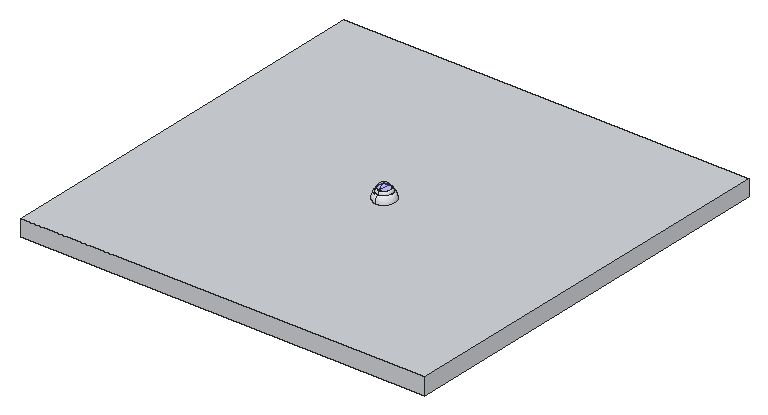
Revit family "BEG-92751", category Dispositifs d'éclairage, Revit 2015
Parameters
  Detection zone [instance] = yes
  Seat area [instance] = Height position < 351 cm  # yes
  URL = "http://www.luxomat.com/en-92751"
  Type of output = "DALI (50 ballast max)+SWITCH"
  Ambiant temperature = "-25°C to +50°C"
  Ref = "92751"
  Relay = "16A"
  Height position [instance] = 250 cm
  Direct Range [instance] = Height position * 3.2  # 800 cm
  Transversal range [instance] = Height position * 9.6  # 2400 cm
  Modèle = "PD4-M-TRIO-2DALI/Dsi-1C-SM"
  Installation type = "Ceiling"
  Brand = "LUXOMAT"
  Image du type = 92751.jpg
  IP = "20"
  Mounting height max = Installation height max  # 350 cm
  Installation height max = 350 cm
  Fabricant = "B.E.G"
  Label [instance] = yes
  Default Elevation = 0 cm
  Consumption = "1,52W"
  Commentaires du type = "Occupancy detector PD4-M-TRIO-2DALI/Dsi-1C-SM"
  Code d'assemblage = "D5010200"
  Class = "2"
  Switching power LED = "300W"
  Switching power Cos ɸ =1 = "3000W"
  Switching power Cos ɸ =0,5 = "1500VA"
  Power voltage = "110-240 V AC"
  Seated activity [instance] = Height position * 2.56  # 640 cm
Reference planes (cm)
  plane 1 "Centre (avant/arrière)": y = 0
  plane 2: z = 0
  plane 3 "Centre (gauche/droite)": x = 0
Forms (cm)
  Extrusion 1, solid
    sketch origin (0, 0, 0) x (1, 0, 0) y (0, 1, 0)
      loop
        line (-121.92, 121.92) -> (-121.92, -121.92) -> (121.92, -121.92) -> (121.92, 121.92) -> (-121.92, 121.92)
    from 0 to -10
Dimensions and locks (cm)
  aligned and locked: plane 2 to Extrusion 1
  aligned and locked: level to Extrusion 1
  aligned and locked: nested 2 to plane 2
Nested families (cm)
  nested 1: "Famille1" at (0, -72.6659, 0) x (-1, 0, 0) z (0, 0, 1), reference <- "Ref", modele <- "Modèle", visible <- "Label", type "Famille1"
    with reference "92751", modele "PD4-M-TRIO-2DALI/Dsi-1C-SM"
  nested 2: "M17" at (0, 0, 0), type "Standard"
  nested 3: "zone H" at (0, 0, 0) x (-1, 0, 0) z (0, 0, 1), visible <- "Detection zone", biais <- "Transversal range", frontal <- "Direct Range", activité assise <- "Seated activity", Zone assise <- "Seat area", type "zone H"
    with position 2 320 cm, position 1 960 cm, frontal 800 cm, biais 2400 cm, activité assise 640 cm, Zone assise yes
  nested 4: "Plafond 360° 2D" at (0, 0, 0), type "Plafond 360° 2D"
Connectors (cm)
  electrical at (0, 0, 0)
    settings: on nested 2, index 1, voltage 240 V, apparent load 0 VA, apparent load phase1 0 VA, apparent load phase2 0 VA, apparent load phase3 0 VA, power factor 1, load classification "Eclairage", number of poles 1, system type 31, power factor state 1, is connector primary yes, connector utility no, sub classification motor no, connector description ""
Definition of nested family "M17"
  Reference planes (cm)
    plane 1 "Centre (avant/arrière)": y = 0
    plane 2: z = 0
    plane 3 "Centre (gauche/droite)": x = 0
    plane 4: x = 0
  Forms (cm)
    Revolve 1, solid
      sketch origin (0, 0, 0) x (0, -1, 0) y (0, 0, 1)
        loop
          line (0, 0) -> (0, 5.75) -> (-3.85, 5.75)
          arc (-3.85, 5.75) -> (-4.2917, 5.0342) -> (-4.4, 4.2) r 2
          line (-4.4, 4.2) -> (-5.05, 4.2)
          arc (-5.05, 4.2) -> (-6.0341, 2.212) -> (-6.2, 0) r 5.8
          line (-6.2, 0) -> (0, 0)
        axis (0, 0) -> (0, 5.75)
      angle from 0 to 360
    Revolve 2, solid
      sketch origin (0, 0, 0) x (0, -1, 0) y (0, 0, 1)
        loop
          arc (0, 8.5) -> (-2.2453, 7.7321) -> (-3.55, 5.75) r 3.6664
          line (-3.55, 5.75) -> (0, 5.75) -> (0, 8.5)
        axis (0, 5.75) -> (0, 8.5)
      angle from 0 to 360
  Lines and regions (cm)
    reference lines
      curve 1: line (0, 0, 0) -> (0, 0, 8.5)
      curve 2: line (0, 0, 5.75) -> (0, 3.85, 5.75)
      curve 3: arc (0, 3.85, 5.75) -> (0, 4.2917, 5.0342) -> (0, 4.4, 4.2) r 2
      curve 4: line (0, 4.4, 4.2) -> (0, 5.05, 4.2)
      curve 5: arc (0, 5.05, 4.2) -> (0, 6.0341, 2.212) -> (0, 6.2, 0) r 5.8
      curve 6: line (0, 0, 0) -> (0, 6.2, 0)
      curve 7: arc (0, 0, 8.5) -> (0, 2.2453, 7.7321) -> (0, 3.55, 5.75) r 3.6664
      curve 8: line (0, 3.55, 5.75) -> (0, 0, 5.75)
      curve 9: line (0, 0, 8.5) -> (0, 0, 5.75)
      curve 10: line (0, 0, 0) -> (0, 0, 8.5)
  Dimensions and locks (cm)
    aligned and locked: level to plane 2
    aligned and locked: Revolve 1 sketch curve to curve 1  (x2)
    aligned and locked: Revolve 1 sketch curve to curve 2
    aligned and locked: Revolve 1 sketch curve to curve 3
    aligned and locked: Revolve 1 sketch curve to curve 4
    aligned and locked: Revolve 1 sketch curve to curve 5
    aligned and locked: Revolve 1 sketch curve to curve 6
    aligned and locked: Revolve 2 sketch curve to curve 7
    aligned and locked: Revolve 2 sketch curve to curve 8
    aligned and locked: Revolve 2 sketch curve to curve 9
    aligned and locked: Revolve 2 sketch curve to curve 10
Definition of nested family "Famille1"
  Parameters (values of type "Famille1")
    reference [instance] = ""
    modele [instance] = ""
  Reference planes (cm)
    plane 1: y = 0
    plane 2: x = 0
  Text (cm)
    label "reference\n\nmodele" at (0.0074, 0.0451, 0), shows "reference", "modele"
Definition of nested family "zone H"
  Parameters (values of type "zone H")
    position 2 [instance] = (frontal / 2) * 0.8  # 320 cm
    position 1 [instance] = (biais / 2) * 0.8  # 960 cm
    frontal [instance] = 800 cm
    biais [instance] = 2400 cm
    activité assise [instance] = 640 cm
    Zone assise [instance] = yes
  Reference planes (cm)
    plane 1 "Centre (avant/arrière)": y = 0
    plane 2: z = 0
    plane 3 "Centre (gauche/droite)": x = 0
    plane 4: x = -960
    plane 5: y = -320
  Lines and regions (cm)
    detail lines, in view "Niveau de réf.", visible <- "Zone assise"
      curve 1: circle (0, 0, 0) r 320 normal (0, 0, 1)
      curve 4: spline (-105.2767, 3.2118, 0) -> (-104.9106, 3.0586, 0) -> (-103.8375, 2.9158, 0) -> (-102.1303, 2.7932, 0) -> (-99.9055, 2.6991, 0) -> (-97.3146, 2.6399, 0) -> (-94.5343, 2.6198, 0) -> (-91.7539, 2.6399, 0) -> (-89.163, 2.6991, 0) -> (-86.9382, 2.7932, 0) -> (-85.231, 2.9158, 0) -> (-84.1579, 3.0586, 0) -> (-83.7918, 3.2118, 0) -> (-84.1579, 3.365, 0) -> (-85.231, 3.5078, 0) -> (-86.9382, 3.6305, 0) -> (-89.163, 3.7245, 0) -> (-91.7539, 3.7837, 0) -> (-94.5343, 3.8039, 0) -> (-97.3146, 3.7837, 0) -> (-99.9055, 3.7245, 0) -> (-102.1303, 3.6305, 0) -> (-103.8375, 3.5078, 0) -> (-104.9106, 3.365, 0) -> (-105.2767, 3.2118, 0)
      curve 5: line (-105.2767, 3.2118, 0) -> (-103.7271, 3.5181, 0)
      curve 6: arc (-102.6495, -16.5888, 0) -> (-107.2915, -17.186, 0) -> (-111.6311, -18.9388, 0) r 18.3388
      curve 7: arc (-111.6311, -18.9388, 0) -> (-111.6982, -19.0046, 0) -> (-111.7229, -19.0953, 0) r 0.1799
      curve 8: arc (-102.4571, -17.1805, 0) -> (-106.7473, -17.5804, 0) -> (-110.8538, -18.8852, 0) r 20.1051
      curve 9: arc (-110.8538, -18.8852, 0) -> (-111.0396, -18.979, 0) -> (-111.2122, -19.0953, 0) r 1.6679
      curve 10: circle (-111.4676, -19.8292, 0) r 0.5096 normal (0, 0, 1)
      curve 11: arc (-110.898, -19.8292, 0) -> (-111.4676, -19.2597, 0) -> (-112.0372, -19.8292, 0) r 0.5696
      curve 12: arc (-110.838, -19.8292, 0) -> (-111.4676, -19.1997, 0) -> (-112.0972, -19.8292, 0) r 0.6296
      curve 13: arc (-86.4191, -16.5888, 0) -> (-81.7771, -17.186, 0) -> (-77.4374, -18.9388, 0) r 18.3388
      curve 14: arc (-77.4374, -18.9388, 0) -> (-77.3704, -19.0046, 0) -> (-77.3456, -19.0953, 0) r 0.1799
      curve 15: arc (-86.6114, -17.1805, 0) -> (-82.3212, -17.5804, 0) -> (-78.2147, -18.8852, 0) r 20.1051
      curve 16: arc (-78.2147, -18.8852, 0) -> (-78.0289, -18.979, 0) -> (-77.8563, -19.0953, 0) r 1.6679
      curve 17: circle (-77.6009, -19.8292, 0) r 0.5096 normal (0, 0, 1)
      curve 18: arc (-77.0314, -19.8292, 0) -> (-77.6009, -19.2597, 0) -> (-78.1705, -19.8292, 0) r 0.5696
      curve 19: arc (-76.9714, -19.8292, 0) -> (-77.6009, -19.1997, 0) -> (-78.2305, -19.8292, 0) r 0.6296
      curve 20: arc (-95.2593, -16.5888, 0) -> (-98.9871, -17.441, 0) -> (-102.5056, -18.9388, 0) r 21.5424
      curve 21: arc (-102.5056, -18.9388, 0) -> (-102.5726, -19.0046, 0) -> (-102.5974, -19.0953, 0) r 0.1799
      curve 22: arc (-95.2593, -17.1805, 0) -> (-98.5536, -17.8061, 0) -> (-101.7283, -18.8852, 0) r 23.9713
      curve 23: arc (-101.7283, -18.8852, 0) -> (-101.911, -18.9772, 0) -> (-102.081, -19.0909, 0) r 1.6679
      curve 24: arc (-95.0229, -17.1805, 0) -> (-98.2689, -17.8294, 0) -> (-101.4063, -18.8852, 0) r 26.0219
      curve 25: arc (-101.4063, -18.8852, 0) -> (-101.592, -18.979, 0) -> (-101.7647, -19.0953, 0) r 1.6679
      curve 26: circle (-102.181, -19.8292, 0) r 0.5096 normal (0, 0, 1)
      curve 27: arc (-101.6114, -19.8292, 0) -> (-102.181, -19.2597, 0) -> (-102.7506, -19.8292, 0) r 0.5696
      curve 28: arc (-101.5514, -19.8292, 0) -> (-102.181, -19.1997, 0) -> (-102.8106, -19.8292, 0) r 0.6296
      curve 29: arc (-93.8092, -16.5888, 0) -> (-90.0814, -17.441, 0) -> (-86.5629, -18.9388, 0) r 21.5424
      curve 30: arc (-86.5629, -18.9388, 0) -> (-86.4959, -19.0046, 0) -> (-86.4711, -19.0953, 0) r 0.1799
      curve 31: arc (-93.8092, -17.1805, 0) -> (-90.5149, -17.8061, 0) -> (-87.3402, -18.8852, 0) r 23.9713
      curve 32: arc (-87.3402, -18.8852, 0) -> (-87.1544, -18.979, 0) -> (-86.9818, -19.0953, 0) r 1.6679
      curve 33: arc (-94.0457, -17.1805, 0) -> (-90.7996, -17.8294, 0) -> (-87.6622, -18.8852, 0) r 26.0219
      curve 34: arc (-87.6622, -18.8852, 0) -> (-87.4765, -18.979, 0) -> (-87.3039, -19.0953, 0) r 1.6679
      curve 35: circle (-86.8875, -19.8292, 0) r 0.5096 normal (0, 0, 1)
      curve 36: arc (-86.3179, -19.8292, 0) -> (-86.8875, -19.2597, 0) -> (-87.4571, -19.8292, 0) r 0.5696
      curve 37: arc (-86.2579, -19.8292, 0) -> (-86.8875, -19.1997, 0) -> (-87.5171, -19.8292, 0) r 0.6296
      curve 38: arc (-103.0079, 8.8705, 0) -> (-101.8776, 5.8173, 0) -> (-98.8653, 4.5819, 0) r 4.0512
      curve 39: arc (-83.7186, 4.2269, 0) -> (-82.9538, 3.7817, 0) -> (-82.7946, 2.9112, 0) r 1.0582
      curve 40: arc (-82.7946, 2.9112, 0) -> (-84.0889, -6.227, 0) -> (-84.0703, -15.4564, 0) r 64.7189
      curve 41: arc (-84.0703, -15.4564, 0) -> (-83.933, -16.0031, 0) -> (-83.4527, -16.2981, 0) r 0.7467
      curve 42: arc (-83.4527, -16.2981, 0) -> (-80.3714, -16.8717, 0) -> (-77.238, -16.9405, 0) r 19.3577
      curve 43: arc (-77.238, -16.9405, 0) -> (-77.6363, -16.4391, 0) -> (-78.2461, -16.244, 0) r 1.1013
      curve 44: arc (-78.2461, -16.244, 0) -> (-80.4274, -15.8096, 0) -> (-82.5587, -15.1742, 0) r 23.8747
      curve 45: arc (-82.5587, -15.1742, 0) -> (-81.6045, -6.5488, 0) -> (-80.848, 2.0961, 0) r 379.1961
      curve 46: arc (-80.848, 2.0961, 0) -> (-81.0708, 4.8418, 0) -> (-83.0581, 6.7494, 0) r 3.8846
      curve 47: arc (-83.0581, 6.7494, 0) -> (-89.2141, 8.8147, 0) -> (-95.6542, 9.6431, 0) r 33.2193
      curve 48: arc (-95.6542, 9.6431, 0) -> (-94.8516, 17.305, 0) -> (-94.8609, 25.0089, 0) r 72.9952
      curve 49: arc (-95.1116, 28.28, 0) -> (-95.2196, 29.2958, 0) -> (-95.3418, 30.31, 0) r 72.9952
      curve 50: arc (-98.1747, 30.0752, 0) -> (-100.3426, 29.2913, 0) -> (-99.4886, 27.1501, 0) r 1.6042
      curve 51: arc (-95.3418, 30.31, 0) -> (-98.7298, 32.2574, 0) -> (-102.1179, 30.31, 0) r 3.9209
      curve 52: arc (-68.8418, 20.3177, 0) -> (-68.8537, 20.2265, 0) -> (-68.9411, 20.2549, 0) r 0.0597
      curve 53: arc (-70.9776, 20.5408, 0) -> (-70.9496, 20.3832, 0) -> (-71.1082, 20.3621, 0) r 0.1108
      curve 54: spline (-98.8908, 41.6409, 0) -> (-97.9793, 41.5103, 0) -> (-97.1229, 41.0855, 0) -> (-96.38, 40.3954, 0) -> (-95.8012, 39.4871, 0) -> (-95.426, 38.4224, 0) -> (-95.2799, 37.274, 0) -> (-95.3728, 36.12, 0) -> (-95.6985, 35.0392, 0) -> (-96.2348, 34.1051, 0) -> (-96.945, 33.3815, 0) -> (-97.7809, 32.9176, 0) -> (-98.6854, 32.7451, 0) -> (-99.5969, 32.8757, 0) -> (-100.4532, 33.3005, 0) -> (-101.1961, 33.9906, 0) -> (-101.7749, 34.8989, 0) -> (-102.1502, 35.9636, 0) -> (-102.2963, 37.112, 0) -> (-102.2033, 38.266, 0) -> (-101.8776, 39.3468, 0) -> (-101.3414, 40.2809, 0) -> (-100.6311, 41.0045, 0) -> (-99.7953, 41.4684, 0) -> (-98.8908, 41.6409, 0)
      curve 55: line (-74.1608, -20.3388, 0) -> (-33.3759, -20.3388, 0)
      curve 56: line (-33.3759, -20.3388, 0) -> (-33.3759, 18.6681, 0)
      curve 57: line (-33.3759, 18.6681, 0) -> (-74.1608, 18.6681, 0)
      curve 58: line (-74.1608, 18.6681, 0) -> (-74.1608, -20.3388, 0)
      curve 59: line (-74.1608, -20.3388, 0) -> (-120.7181, -20.3388, 0)
      curve 60: line (-80.1025, 18.6681, 0) -> (-27.4342, 18.6681, 0)
      curve 61: line (-27.4342, 18.6681, 0) -> (-27.4342, 20.1345, 0)
      curve 62: line (-27.4342, 20.1345, 0) -> (-80.1025, 20.1345, 0)
      curve 63: line (-80.1025, 20.1345, 0) -> (-80.1025, 18.6681, 0)
      curve 64: line (-95.5223, 2.6198, 0) -> (-93.5462, 2.6198, 0)
      curve 65: line (-93.5462, 2.6198, 0) -> (-93.5462, -16.5888, 0)
      curve 66: line (-93.5462, -16.5888, 0) -> (-95.5223, -16.5888, 0)
      curve 67: line (-95.5223, -16.5888, 0) -> (-95.5223, 2.6198, 0)
      curve 68: line (-95.5223, -16.5888, 0) -> (-102.6495, -16.5888, 0)
      curve 69: line (-111.7229, -19.0953, 0) -> (-111.2122, -19.0953, 0)
      curve 70: line (-93.8092, -16.5888, 0) -> (-94.0457, -17.1805, 0)
      curve 71: line (-94.0457, -17.1805, 0) -> (-93.8092, -17.1805, 0)
      curve 72: line (-93.8092, -17.1805, 0) -> (-94.5343, -17.1805, 0)
      curve 73: line (-94.5343, -17.1805, 0) -> (-95.2593, -17.1805, 0)
      curve 74: line (-95.2593, -17.1805, 0) -> (-95.0229, -17.1805, 0)
      curve 75: line (-95.0229, -17.1805, 0) -> (-95.2593, -16.5888, 0)
      curve 76: line (-98.1226, -17.1805, 0) -> (-102.4571, -17.1805, 0)
      curve 77: line (-112.0372, -19.8292, 0) -> (-112.0972, -19.8292, 0)
      curve 78: line (-110.898, -19.8292, 0) -> (-110.838, -19.8292, 0)
      curve 79: line (-111.3676, -19.2076, 0) -> (-111.3676, -19.0953, 0)
      curve 80: line (-111.5676, -19.2076, 0) -> (-111.5676, -19.0953, 0)
      curve 81: line (-93.5462, -16.5888, 0) -> (-86.4191, -16.5888, 0)
      curve 82: line (-77.3456, -19.0953, 0) -> (-77.8563, -19.0953, 0)
      curve 83: line (-90.9459, -17.1805, 0) -> (-86.6114, -17.1805, 0)
      curve 84: line (-77.0314, -19.8292, 0) -> (-76.9714, -19.8292, 0)
      curve 85: line (-78.1705, -19.8292, 0) -> (-78.2305, -19.8292, 0)
      curve 86: line (-77.7009, -19.2076, 0) -> (-77.7009, -19.0953, 0)
      curve 87: line (-77.5009, -19.2076, 0) -> (-77.5009, -19.0953, 0)
      curve 88: line (-102.5974, -19.0953, 0) -> (-101.7647, -19.0953, 0)
      curve 89: line (-102.7506, -19.8292, 0) -> (-102.8106, -19.8292, 0)
      curve 90: line (-101.6114, -19.8292, 0) -> (-101.5514, -19.8292, 0)
      curve 91: line (-102.081, -19.2076, 0) -> (-102.081, -19.0909, 0)
      curve 92: line (-102.281, -19.2076, 0) -> (-102.281, -19.0953, 0)
      curve 93: line (-86.4711, -19.0953, 0) -> (-87.3039, -19.0953, 0)
      curve 94: line (-86.3179, -19.8292, 0) -> (-86.2579, -19.8292, 0)
      curve 95: line (-87.4571, -19.8292, 0) -> (-87.5171, -19.8292, 0)
      curve 96: line (-86.9875, -19.2076, 0) -> (-86.9875, -19.0953, 0)
      curve 97: line (-86.7875, -19.2076, 0) -> (-86.7875, -19.0953, 0)
      curve 98: line (-98.8653, 4.5819, 0) -> (-83.7186, 4.2269, 0)
      curve 99: line (-103.0079, 8.8705, 0) -> (-102.1179, 30.31, 0)
      curve 100: line (-98.1747, 30.0752, 0) -> (-85.3255, 22.5448, 0)
      curve 101: line (-85.3255, 22.5448, 0) -> (-74.2929, 21.667, 0)
      curve 102: line (-74.2929, 21.667, 0) -> (-71.6033, 21.7219, 0)
      curve 103: line (-71.6033, 21.7219, 0) -> (-69.7371, 21.2829, 0)
      curve 104: line (-69.7371, 21.2829, 0) -> (-68.8418, 20.3177, 0)
      curve 105: line (-68.9411, 20.2549, 0) -> (-69.7808, 21.0896, 0)
      curve 106: line (-69.7808, 21.0896, 0) -> (-71.6115, 21.2989, 0)
      curve 107: line (-71.6115, 21.2989, 0) -> (-72.0159, 21.0248, 0)
      curve 108: line (-72.0159, 21.0248, 0) -> (-70.9776, 20.5408, 0)
      curve 109: line (-71.1082, 20.3621, 0) -> (-72.6656, 20.8949, 0)
      curve 110: line (-72.6656, 20.8949, 0) -> (-74.496, 20.6558, 0)
      curve 111: line (-74.496, 20.6558, 0) -> (-86.0144, 20.9158, 0)
      curve 112: line (-86.0144, 20.9158, 0) -> (-99.4886, 27.1501, 0)
      curve 113: line (-99.8644, 32.9741, 0) -> (-99.9944, 32.0479, 0)
      curve 114: line (-97.5142, 33.0301, 0) -> (-97.3718, 32.0147, 0)
      curve 115: line (-33.3759, -20.3388, 0) -> (-21.8014, -20.3388, 0)
    detail lines, in view "Niveau de réf."
      curve 2: circle (0, 0, 0) r 400 normal (0, 0, 1)
      curve 3: circle (0, 0, 0) r 1200 normal (0, 0, 1)
      curve 116: spline (2.3068, -347.7265, 0) -> (4.0856, -347.3949, 0) -> (5.7432, -346.4226, 0) -> (7.1667, -344.876, 0) -> (8.2589, -342.8603, 0) -> (8.9455, -340.5131, 0) -> (9.1797, -337.9942, 0) -> (8.9455, -335.4753, 0) -> (8.2589, -333.1281, 0) -> (7.1667, -331.1125, 0) -> (5.7432, -329.5658, 0) -> (4.0856, -328.5936, 0) -> (2.3068, -328.262, 0) -> (0.5279, -328.5936, 0) -> (-1.1297, -329.5658, 0) -> (-2.5531, -331.1125, 0) -> (-3.6453, -333.1281, 0) -> (-4.3319, -335.4753, 0) -> (-4.5661, -337.9942, 0) -> (-4.3319, -340.5131, 0) -> (-3.6453, -342.8603, 0) -> (-2.5531, -344.876, 0) -> (-1.1297, -346.4226, 0) -> (0.5279, -347.3949, 0) -> (2.3068, -347.7265, 0)
      curve 117: line (-4.7649, -335.0929, 0) -> (0.5136, -347.9212, 0)
      curve 118: line (3.5648, -348.0775, 0) -> (9.2455, -334.5266, 0)
      curve 119: line (-0.3759, -328.4588, 0) -> (-3.0011, -330.8806, 0)
      curve 120: line (3.5053, -348.5045, 0) -> (6.62, -348.3756, 0)
      curve 121: line (1.7304, -348.3525, 0) -> (3.5053, -348.5045, 0)
      curve 122: line (-4.7649, -335.0929, 0) -> (0.5136, -347.9212, 0)
      curve 123: line (-21.1936, -335.3894, 0) -> (-24.4202, -337.3623, 0)
      curve 124: line (-21.1936, -335.3894, 0) -> (-24.4202, -337.3623, 0)
      curve 125: line (-0.3759, -328.4588, 0) -> (-3.0011, -330.8806, 0)
      curve 126: line (1.7304, -348.3525, 0) -> (6.62, -348.3756, 0)
      curve 127: line (3.5648, -348.0775, 0) -> (9.2455, -334.5266, 0)
      curve 128: line (0, -320, 0) -> (0, -289.0788, 0)
      curve 129: line (0, -289.0788, 0) -> (0, -280.7814, 0)
      curve 130: spline (-957.6932, -27.7265, 0) -> (-955.9144, -27.3949, 0) -> (-954.2568, -26.4226, 0) -> (-952.8333, -24.876, 0) -> (-951.7411, -22.8603, 0) -> (-951.0545, -20.5131, 0) -> (-950.8203, -17.9942, 0) -> (-951.0545, -15.4753, 0) -> (-951.7411, -13.1281, 0) -> (-952.8333, -11.1125, 0) -> (-954.2568, -9.5658, 0) -> (-955.9144, -8.5936, 0) -> (-957.6932, -8.262, 0) -> (-959.4721, -8.5936, 0) -> (-961.1297, -9.5658, 0) -> (-962.5531, -11.1125, 0) -> (-963.6453, -13.1281, 0) -> (-964.3319, -15.4753, 0) -> (-964.5661, -17.9942, 0) -> (-964.3319, -20.5131, 0) -> (-963.6453, -22.8603, 0) -> (-962.5531, -24.876, 0) -> (-961.1297, -26.4226, 0) -> (-959.4721, -27.3949, 0) -> (-957.6932, -27.7265, 0)
      curve 131: line (-964.7649, -15.0929, 0) -> (-959.4864, -27.9212, 0)
      curve 132: line (-956.4352, -28.0775, 0) -> (-950.7545, -14.5266, 0)
      curve 133: line (-960.3759, -8.4588, 0) -> (-963.0011, -10.8806, 0)
      curve 134: line (-956.4947, -28.5045, 0) -> (-953.38, -28.3756, 0)
      curve 135: line (-958.2696, -28.3525, 0) -> (-956.4947, -28.5045, 0)
      curve 136: line (-964.7649, -15.0929, 0) -> (-959.4864, -27.9212, 0)
      curve 137: line (-981.1936, -15.3894, 0) -> (-984.4202, -17.3623, 0)
      curve 138: line (-981.1936, -15.3894, 0) -> (-984.4202, -17.3623, 0)
      curve 139: line (-960.3759, -8.4588, 0) -> (-963.0011, -10.8806, 0)
      curve 140: line (-958.2696, -28.3525, 0) -> (-953.38, -28.3756, 0)
      curve 141: line (-956.4352, -28.0775, 0) -> (-950.7545, -14.5266, 0)
      curve 142: line (-960, 0, 0) -> (-960, 30.9212, 0)
      curve 143: line (-960, 30.9212, 0) -> (-960, 39.2186, 0)
    detail lines, in view "Niveau de réf.", visible <- "Zone assise", not visible
      curve 144: spline (925.976, -22.5654, 0) -> (926.342, -22.7186, 0) -> (927.4152, -22.8614, 0) -> (929.1224, -22.984, 0) -> (931.3472, -23.0781, 0) -> (933.938, -23.1373, 0) -> (936.7184, -23.1574, 0) -> (939.4987, -23.1373, 0) -> (942.0896, -23.0781, 0) -> (944.3144, -22.984, 0) -> (946.0216, -22.8614, 0) -> (947.0948, -22.7186, 0) -> (947.4608, -22.5654, 0) -> (947.0948, -22.4122, 0) -> (946.0216, -22.2694, 0) -> (944.3144, -22.1467, 0) -> (942.0896, -22.0527, 0) -> (939.4987, -21.9935, 0) -> (936.7184, -21.9733, 0) -> (933.938, -21.9935, 0) -> (931.3472, -22.0527, 0) -> (929.1224, -22.1467, 0) -> (927.4152, -22.2694, 0) -> (926.342, -22.4122, 0) -> (925.976, -22.5654, 0)
      curve 145: line (925.976, -22.5654, 0) -> (927.5256, -22.2591, 0)
      curve 146: arc (928.6032, -42.366, 0) -> (923.9612, -42.9632, 0) -> (919.6215, -44.716, 0) r 18.3388
      curve 147: arc (919.6215, -44.716, 0) -> (919.5545, -44.7818, 0) -> (919.5297, -44.8725, 0) r 0.1799
      curve 148: arc (928.7956, -42.9577, 0) -> (924.5053, -43.3576, 0) -> (920.3988, -44.6624, 0) r 20.1051
      curve 149: arc (920.3988, -44.6624, 0) -> (920.213, -44.7562, 0) -> (920.0404, -44.8725, 0) r 1.6679
      curve 150: circle (919.7851, -45.6065, 0) r 0.5096 normal (0, 0, 1)
      curve 151: arc (920.3547, -45.6065, 0) -> (919.7851, -45.0369, 0) -> (919.2155, -45.6065, 0) r 0.5696
      curve 152: arc (920.4147, -45.6065, 0) -> (919.7851, -44.9769, 0) -> (919.1555, -45.6065, 0) r 0.6296
      curve 153: arc (944.8336, -42.366, 0) -> (949.4756, -42.9632, 0) -> (953.8152, -44.716, 0) r 18.3388
      curve 154: arc (953.8152, -44.716, 0) -> (953.8823, -44.7818, 0) -> (953.907, -44.8725, 0) r 0.1799
      curve 155: arc (944.6412, -42.9577, 0) -> (948.9315, -43.3576, 0) -> (953.038, -44.6624, 0) r 20.1051
      curve 156: arc (953.038, -44.6624, 0) -> (953.2237, -44.7562, 0) -> (953.3964, -44.8725, 0) r 1.6679
      curve 157: circle (953.6517, -45.6065, 0) r 0.5096 normal (0, 0, 1)
      curve 158: arc (954.2213, -45.6065, 0) -> (953.6517, -45.0369, 0) -> (953.0821, -45.6065, 0) r 0.5696
      curve 159: arc (954.2813, -45.6065, 0) -> (953.6517, -44.9769, 0) -> (953.0221, -45.6065, 0) r 0.6296
      curve 160: arc (935.9933, -42.366, 0) -> (932.2655, -43.2182, 0) -> (928.7471, -44.716, 0) r 21.5424
      curve 161: arc (928.7471, -44.716, 0) -> (928.68, -44.7818, 0) -> (928.6553, -44.8725, 0) r 0.1799
      curve 162: arc (935.9933, -42.9577, 0) -> (932.6991, -43.5833, 0) -> (929.5243, -44.6624, 0) r 23.9713
      curve 163: arc (929.5243, -44.6624, 0) -> (929.3417, -44.7544, 0) -> (929.1716, -44.8681, 0) r 1.6679
      curve 164: arc (936.2298, -42.9577, 0) -> (932.9838, -43.6066, 0) -> (929.8464, -44.6624, 0) r 26.0219
      curve 165: arc (929.8464, -44.6624, 0) -> (929.6606, -44.7562, 0) -> (929.488, -44.8725, 0) r 1.6679
      curve 166: circle (929.0716, -45.6065, 0) r 0.5096 normal (0, 0, 1)
      curve 167: arc (929.6412, -45.6065, 0) -> (929.0716, -45.0369, 0) -> (928.502, -45.6065, 0) r 0.5696
      curve 168: arc (929.7012, -45.6065, 0) -> (929.0716, -44.9769, 0) -> (928.442, -45.6065, 0) r 0.6296
      curve 169: arc (937.4435, -42.366, 0) -> (941.1713, -43.2182, 0) -> (944.6897, -44.716, 0) r 21.5424
      curve 170: arc (944.6897, -44.716, 0) -> (944.7568, -44.7818, 0) -> (944.7815, -44.8725, 0) r 0.1799
      curve 171: arc (937.4435, -42.9577, 0) -> (940.7377, -43.5833, 0) -> (943.9124, -44.6624, 0) r 23.9713
      curve 172: arc (943.9124, -44.6624, 0) -> (944.0982, -44.7562, 0) -> (944.2708, -44.8725, 0) r 1.6679
      curve 173: arc (937.207, -42.9577, 0) -> (940.453, -43.6066, 0) -> (943.5904, -44.6624, 0) r 26.0219
      curve 174: arc (943.5904, -44.6624, 0) -> (943.7762, -44.7562, 0) -> (943.9488, -44.8725, 0) r 1.6679
      curve 175: circle (944.3651, -45.6065, 0) r 0.5096 normal (0, 0, 1)
      curve 176: arc (944.9347, -45.6065, 0) -> (944.3651, -45.0369, 0) -> (943.7956, -45.6065, 0) r 0.5696
      curve 177: arc (944.9947, -45.6065, 0) -> (944.3651, -44.9769, 0) -> (943.7356, -45.6065, 0) r 0.6296
      curve 178: arc (928.2447, -16.9067, 0) -> (929.3751, -19.9599, 0) -> (932.3873, -21.1953, 0) r 4.0512
      curve 179: arc (947.5341, -21.5503, 0) -> (948.2989, -21.9955, 0) -> (948.4581, -22.866, 0) r 1.0582
      curve 180: arc (948.4581, -22.866, 0) -> (947.1637, -32.0042, 0) -> (947.1824, -41.2336, 0) r 64.7189
      curve 181: arc (947.1824, -41.2336, 0) -> (947.3196, -41.7803, 0) -> (947.8, -42.0753, 0) r 0.7467
      curve 182: arc (947.8, -42.0753, 0) -> (950.8812, -42.6489, 0) -> (954.0146, -42.7177, 0) r 19.3577
      curve 183: arc (954.0146, -42.7177, 0) -> (953.6164, -42.2163, 0) -> (953.0065, -42.0212, 0) r 1.1013
      curve 184: arc (953.0065, -42.0212, 0) -> (950.8253, -41.5868, 0) -> (948.6939, -40.9514, 0) r 23.8747
      curve 185: arc (948.6939, -40.9514, 0) -> (949.6481, -32.326, 0) -> (950.4047, -23.6811, 0) r 379.1961
      curve 186: arc (950.4047, -23.6811, 0) -> (950.1819, -20.9354, 0) -> (948.1945, -19.0278, 0) r 3.8846
      curve 187: arc (948.1945, -19.0278, 0) -> (942.0386, -16.9625, 0) -> (935.5985, -16.1341, 0) r 33.2193
      curve 188: arc (935.5985, -16.1341, 0) -> (936.4011, -8.4722, 0) -> (936.3918, -0.7683, 0) r 72.9952
      curve 189: arc (936.1411, 2.5028, 0) -> (936.0331, 3.5186, 0) -> (935.9108, 4.5328, 0) r 72.9952
      curve 190: arc (933.0779, 4.298, 0) -> (930.9101, 3.5141, 0) -> (931.7641, 1.3729, 0) r 1.6042
      curve 191: arc (935.9108, 4.5328, 0) -> (932.5228, 6.4802, 0) -> (929.1348, 4.5328, 0) r 3.9209
      curve 192: arc (962.4108, -5.4595, 0) -> (962.3989, -5.5507, 0) -> (962.3115, -5.5223, 0) r 0.0597
      curve 193: arc (960.275, -5.2364, 0) -> (960.303, -5.394, 0) -> (960.1444, -5.4151, 0) r 0.1108
      curve 194: spline (932.3619, 15.8637, 0) -> (933.2734, 15.7331, 0) -> (934.1297, 15.3083, 0) -> (934.8726, 14.6182, 0) -> (935.4514, 13.7099, 0) -> (935.8267, 12.6452, 0) -> (935.9728, 11.4968, 0) -> (935.8798, 10.3428, 0) -> (935.5541, 9.262, 0) -> (935.0179, 8.3279, 0) -> (934.3076, 7.6043, 0) -> (933.4718, 7.1404, 0) -> (932.5673, 6.9679, 0) -> (931.6558, 7.0985, 0) -> (930.7994, 7.5233, 0) -> (930.0565, 8.2134, 0) -> (929.4777, 9.1217, 0) -> (929.1025, 10.1864, 0) -> (928.9564, 11.3348, 0) -> (929.0493, 12.4888, 0) -> (929.375, 13.5696, 0) -> (929.9113, 14.5037, 0) -> (930.6215, 15.2273, 0) -> (931.4574, 15.6912, 0) -> (932.3619, 15.8637, 0)
      curve 195: line (957.0918, -46.116, 0) -> (997.8768, -46.116, 0)
      curve 196: line (997.8768, -46.116, 0) -> (997.8768, -7.1091, 0)
      curve 197: line (997.8768, -7.1091, 0) -> (957.0918, -7.1091, 0)
      curve 198: line (957.0918, -7.1091, 0) -> (957.0918, -46.116, 0)
      curve 199: line (957.0918, -46.116, 0) -> (910.5345, -46.116, 0)
      curve 200: line (951.1501, -7.1091, 0) -> (1003.8185, -7.1091, 0)
      curve 201: line (1003.8185, -7.1091, 0) -> (1003.8185, -5.6427, 0)
      curve 202: line (1003.8185, -5.6427, 0) -> (951.1501, -5.6427, 0)
      curve 203: line (951.1501, -5.6427, 0) -> (951.1501, -7.1091, 0)
      curve 204: line (935.7304, -23.1574, 0) -> (937.7064, -23.1574, 0)
      curve 205: line (937.7064, -23.1574, 0) -> (937.7064, -42.366, 0)
      curve 206: line (937.7064, -42.366, 0) -> (935.7304, -42.366, 0)
      curve 207: line (935.7304, -42.366, 0) -> (935.7304, -23.1574, 0)
      curve 208: line (935.7304, -42.366, 0) -> (928.6032, -42.366, 0)
      curve 209: line (919.5297, -44.8725, 0) -> (920.0404, -44.8725, 0)
      curve 210: line (937.4435, -42.366, 0) -> (937.207, -42.9577, 0)
      curve 211: line (937.207, -42.9577, 0) -> (937.4435, -42.9577, 0)
      curve 212: line (937.4435, -42.9577, 0) -> (936.7184, -42.9577, 0)
      curve 213: line (936.7184, -42.9577, 0) -> (935.9933, -42.9577, 0)
      curve 214: line (935.9933, -42.9577, 0) -> (936.2298, -42.9577, 0)
      curve 215: line (936.2298, -42.9577, 0) -> (935.9933, -42.366, 0)
      curve 216: line (933.13, -42.9577, 0) -> (928.7956, -42.9577, 0)
      curve 217: line (919.2155, -45.6065, 0) -> (919.1555, -45.6065, 0)
      curve 218: line (920.3547, -45.6065, 0) -> (920.4147, -45.6065, 0)
      curve 219: line (919.8851, -44.9848, 0) -> (919.8851, -44.8725, 0)
      curve 220: line (919.6851, -44.9848, 0) -> (919.6851, -44.8725, 0)
      curve 221: line (937.7064, -42.366, 0) -> (944.8336, -42.366, 0)
      curve 222: line (953.907, -44.8725, 0) -> (953.3964, -44.8725, 0)
      curve 223: line (940.3068, -42.9577, 0) -> (944.6412, -42.9577, 0)
      curve 224: line (954.2213, -45.6065, 0) -> (954.2813, -45.6065, 0)
      curve 225: line (953.0821, -45.6065, 0) -> (953.0221, -45.6065, 0)
      curve 226: line (953.5517, -44.9848, 0) -> (953.5517, -44.8725, 0)
      curve 227: line (953.7517, -44.9848, 0) -> (953.7517, -44.8725, 0)
      curve 228: line (928.6553, -44.8725, 0) -> (929.488, -44.8725, 0)
      curve 229: line (928.502, -45.6065, 0) -> (928.442, -45.6065, 0)
      curve 230: line (929.6412, -45.6065, 0) -> (929.7012, -45.6065, 0)
      curve 231: line (929.1716, -44.9848, 0) -> (929.1716, -44.8681, 0)
      curve 232: line (928.9716, -44.9848, 0) -> (928.9716, -44.8725, 0)
      curve 233: line (944.7815, -44.8725, 0) -> (943.9488, -44.8725, 0)
      curve 234: line (944.9347, -45.6065, 0) -> (944.9947, -45.6065, 0)
      curve 235: line (943.7956, -45.6065, 0) -> (943.7356, -45.6065, 0)
      curve 236: line (944.2651, -44.9848, 0) -> (944.2651, -44.8725, 0)
      curve 237: line (944.4651, -44.9848, 0) -> (944.4651, -44.8725, 0)
      curve 238: line (932.3873, -21.1953, 0) -> (947.5341, -21.5503, 0)
      curve 239: line (928.2447, -16.9067, 0) -> (929.1348, 4.5328, 0)
      curve 240: line (933.0779, 4.298, 0) -> (945.9271, -3.2324, 0)
      curve 241: line (945.9271, -3.2324, 0) -> (956.9598, -4.1102, 0)
      curve 242: line (956.9598, -4.1102, 0) -> (959.6493, -4.0553, 0)
      curve 243: line (959.6493, -4.0553, 0) -> (961.5155, -4.4943, 0)
      curve 244: line (961.5155, -4.4943, 0) -> (962.4108, -5.4595, 0)
      curve 245: line (962.3115, -5.5223, 0) -> (961.4719, -4.6876, 0)
      curve 246: line (961.4719, -4.6876, 0) -> (959.6412, -4.4783, 0)
      curve 247: line (959.6412, -4.4783, 0) -> (959.2367, -4.7524, 0)
      curve 248: line (959.2367, -4.7524, 0) -> (960.275, -5.2364, 0)
      curve 249: line (960.1444, -5.4151, 0) -> (958.5871, -4.8823, 0)
      curve 250: line (958.5871, -4.8823, 0) -> (956.7566, -5.1214, 0)
      curve 251: line (956.7566, -5.1214, 0) -> (945.2383, -4.8614, 0)
      curve 252: line (945.2383, -4.8614, 0) -> (931.7641, 1.3729, 0)
      curve 253: line (931.3882, 7.1969, 0) -> (931.2583, 6.2707, 0)
      curve 254: line (933.7384, 7.2529, 0) -> (933.8809, 6.2375, 0)
      curve 255: line (997.8768, -46.116, 0) -> (1009.4512, -46.116, 0)
    detail lines, in view "Niveau de réf.", not visible
      curve 256: spline (630.3724, -48.277, 0) -> (632.1512, -47.9453, 0) -> (633.8088, -46.9731, 0) -> (635.2323, -45.4264, 0) -> (636.3245, -43.4108, 0) -> (637.0111, -41.0636, 0) -> (637.2453, -38.5447, 0) -> (637.0111, -36.0258, 0) -> (636.3245, -33.6786, 0) -> (635.2323, -31.663, 0) -> (633.8088, -30.1163, 0) -> (632.1512, -29.1441, 0) -> (630.3724, -28.8124, 0) -> (628.5935, -29.1441, 0) -> (626.9359, -30.1163, 0) -> (625.5125, -31.663, 0) -> (624.4202, -33.6786, 0) -> (623.7336, -36.0258, 0) -> (623.4995, -38.5447, 0) -> (623.7336, -41.0636, 0) -> (624.4202, -43.4108, 0) -> (625.5125, -45.4264, 0) -> (626.9359, -46.9731, 0) -> (628.5935, -47.9453, 0) -> (630.3724, -48.277, 0)
      curve 257: line (623.3007, -35.6434, 0) -> (628.5792, -48.4717, 0)
      curve 258: line (631.6303, -48.628, 0) -> (637.311, -35.0771, 0)
      curve 259: line (627.6897, -29.0093, 0) -> (625.0645, -31.4311, 0)
      curve 260: line (631.5709, -49.055, 0) -> (634.6856, -48.9261, 0)
      curve 261: line (629.7959, -48.903, 0) -> (631.5709, -49.055, 0)
      curve 262: line (623.3007, -35.6434, 0) -> (628.5792, -48.4717, 0)
      curve 263: line (606.872, -35.9399, 0) -> (603.6454, -37.9127, 0)
      curve 264: line (606.872, -35.9399, 0) -> (603.6454, -37.9127, 0)
      curve 265: line (627.6897, -29.0093, 0) -> (625.0645, -31.4311, 0)
      curve 266: line (629.7959, -48.903, 0) -> (634.6856, -48.9261, 0)
      curve 267: line (631.6303, -48.628, 0) -> (637.311, -35.0771, 0)
      curve 268: line (628.0656, -20.5505, 0) -> (628.0656, 10.3707, 0)
      curve 269: line (628.0656, 10.3707, 0) -> (628.0656, 18.6681, 0)
      curve 270: spline (1030.3724, -260.777, 0) -> (1032.1512, -260.4453, 0) -> (1033.8088, -259.4731, 0) -> (1035.2323, -257.9264, 0) -> (1036.3245, -255.9108, 0) -> (1037.0111, -253.5636, 0) -> (1037.2453, -251.0447, 0) -> (1037.0111, -248.5258, 0) -> (1036.3245, -246.1786, 0) -> (1035.2323, -244.163, 0) -> (1033.8088, -242.6163, 0) -> (1032.1512, -241.6441, 0) -> (1030.3724, -241.3124, 0) -> (1028.5935, -241.6441, 0) -> (1026.9359, -242.6163, 0) -> (1025.5125, -244.163, 0) -> (1024.4202, -246.1786, 0) -> (1023.7336, -248.5258, 0) -> (1023.4995, -251.0447, 0) -> (1023.7336, -253.5636, 0) -> (1024.4202, -255.9108, 0) -> (1025.5125, -257.9264, 0) -> (1026.9359, -259.4731, 0) -> (1028.5935, -260.4453, 0) -> (1030.3724, -260.777, 0)
      curve 271: line (1023.3007, -248.1434, 0) -> (1028.5792, -260.9717, 0)
      curve 272: line (1031.6303, -261.128, 0) -> (1037.311, -247.5771, 0)
      curve 273: line (1027.6897, -241.5093, 0) -> (1025.0645, -243.9311, 0)
      curve 274: line (1031.5709, -261.555, 0) -> (1034.6856, -261.4261, 0)
      curve 275: line (1029.7959, -261.403, 0) -> (1031.5709, -261.555, 0)
      curve 276: line (1023.3007, -248.1434, 0) -> (1028.5792, -260.9717, 0)
      curve 277: line (1006.872, -248.4399, 0) -> (1003.6454, -250.4127, 0)
      curve 278: line (1006.872, -248.4399, 0) -> (1003.6454, -250.4127, 0)
      curve 279: line (1027.6897, -241.5093, 0) -> (1025.0645, -243.9311, 0)
      curve 280: line (1029.7959, -261.403, 0) -> (1034.6856, -261.4261, 0)
      curve 281: line (1031.6303, -261.128, 0) -> (1037.311, -247.5771, 0)
      curve 282: line (1028.0656, -233.0505, 0) -> (1028.0656, -202.1293, 0)
      curve 283: line (1028.0656, -202.1293, 0) -> (1028.0656, -193.8319, 0)
  Text (cm)
    text "2" at (0.4332, -361.3743, 0), in view "Niveau de réf."
    text "1" at (-959.5668, -41.3743, 0), in view "Niveau de réf."
    text "1" at (628.4988, -61.9248, 0), in view "Niveau de réf.", not visible
    text "2" at (1028.4988, -274.4248, 0), in view "Niveau de réf.", not visible
  Dimensions and locks (cm)
    "position 1": plane 4 to plane 3 "Centre (gauche/droite)"
    "position 2": plane 5 to plane 1 "Centre (avant/arrière)"
    "activité assise": diameter of curve 1
    "biais": diameter of curve 3
    "frontal": diameter of curve 2
    aligned and locked: curve 142 to plane 1 "Centre (avant/arrière)"
    aligned and locked: curve 128 to plane 3 "Centre (gauche/droite)"
    aligned and locked: plane 4 to curve 142
    aligned and locked: plane 5 to curve 128
  Automatic sketch dimensions
    curve 1 to curve 2 = 0 cm  (x2)
    curve 1 to curve 3 = 0 cm  (x2)
    curve 2 to curve 3 = 0 cm  (x2)
    plane 1 "Centre (avant/arrière)" to curve 2 = 0 cm
    curve 2 to plane 3 "Centre (gauche/droite)" = 0 cm
Definition of nested family "Plafond 360° 2D"
  Reference planes (cm)
    plane 1: y = 0
    plane 2: x = 0
  Lines and regions (cm)
    Filled region 1, type "rouge"
      outline origin (0, 0, 0) x (1, 0, 0) y (0, 1, 0)
        loop
          circle (0, 0) r 0.0294
    detail lines
      curve 1: arc (-0.1732, 0.1, 0) -> (-0.2, 0, 0) -> (-0.1732, -0.1, 0) r 0.2
      curve 2: arc (-0.1, -0.1732, 0) -> (0, -0.2, 0) -> (0.1, -0.1732, 0) r 0.2
      curve 3: arc (0.1732, -0.1, 0) -> (0.2, 0, 0) -> (0.1732, 0.1, 0) r 0.2
      curve 4: arc (0.1, 0.1732, 0) -> (0, 0.2, 0) -> (-0.1, 0.1732, 0) r 0.2
      curve 5: arc (-0.1375, 0.0794, 0) -> (-0.1588, 0, 0) -> (-0.1375, -0.0794, 0) r 0.1588
      curve 6: arc (-0.0794, -0.1375, 0) -> (0, -0.1588, 0) -> (0.0794, -0.1375, 0) r 0.1588
      curve 7: arc (0.1375, -0.0794, 0) -> (0.1588, 0, 0) -> (0.1375, 0.0794, 0) r 0.1588
      curve 8: arc (0.0794, 0.1375, 0) -> (0, 0.1588, 0) -> (-0.0794, 0.1375, 0) r 0.1588
      curve 9: arc (-0.1019, 0.0588, 0) -> (-0.1176, 0, 0) -> (-0.1019, -0.0588, 0) r 0.1176
      curve 10: arc (-0.0588, -0.1019, 0) -> (0, -0.1176, 0) -> (0.0588, -0.1019, 0) r 0.1176
      curve 11: arc (0.1019, -0.0588, 0) -> (0.1176, 0, 0) -> (0.1019, 0.0588, 0) r 0.1176
      curve 12: arc (0.0588, 0.1019, 0) -> (0, 0.1176, 0) -> (-0.0588, 0.1019, 0) r 0.1176
      curve 13: arc (-0.0294, 0, 0) -> (0, -0.0294, 0) -> (0.0294, 0, 0) r 0.0294
      curve 14: arc (0.0294, 0, 0) -> (0, 0.0294, 0) -> (-0.0294, 0, 0) r 0.0294
